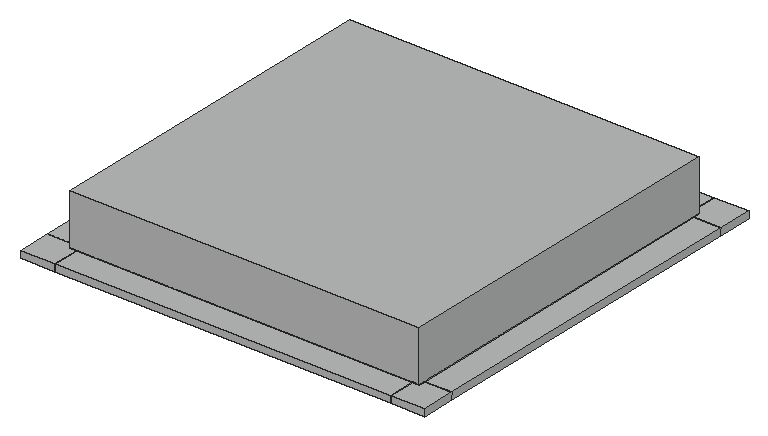
Revit family "ALUMOGIPS", category Осветительные приборы, Revit 2019 (continued)
Types (72, lengths in mm): name | Файл фотометрической сетки | built-in parameter 1150105 | Lumens | built-in parameter 1150106 | built-in parameter 1150142 | Wattage | Emit from Rectangle Width | Emit from Rectangle Length | Длина | Материал светильника | Ширина | ADSK_Ток | ADSK_Полная мощность | ADSK_Обозначение | ADSK_Номинальная мощность | ADSK_Наименование | ADSK_Масса | ADSK_Код изделия
  Alumogips-38/opal-sand 295х1195 (IP40, 4000К, белый) с БАП на 3 часа | "Светильник ALUMOGIPS-38 OPAL-SAND-(295x1195).ies" | 302.39 (stored number, unit not read) | 3800 lm | 3.0239 (stored number, unit not read) | "IESNA:LM-63-1995\r\n[TEST] Протокол №334/16 от 03.11.2016г. Испытательная лаборатория Государственного предприятия \"ЦСОТ НАН Беларуси\"\r\n[MORE] FFFFFFFD255B12BA015C13F525FB5F2F2\r\n[DATA] 02.11.2016\r\n[MANUFAC] ЗАО \"Центрстройсвет\"\r\n[LUMCAT] Светильник ALUMOGIPS-38/OPAL-SAND-(295X1195)\r\n[LUMINAIRE] офисное освещение\r\n[LAMP] \r\nTILT=NONE\r\n1    -1.0   1.000 91 181 1 2   .295   1.195   0.04\r\n1.0  1.0   37.90\r\n0.0 2.0 4.0 6.0 8.0 10.0 12.0 14.0 16.0 18.0 20.0 22.0 24.0 26.0 28.0 30.0 32.0 34.0 36.0 38.0 40.0 42.0 44.0 46.0 48.0 50.0 52.0 54.0 56.0 58.0 60.0 62.0 64.0 66.0 68.0 70.0 72.0 74.0 76.0 78.0 80.0 82.0 84.0 86.0 88.0 90.0 92.0 94.0 96.0 98.0 100.0 102.0 104.0 106.0 108.0 110.0 112.0 114.0 116.0 118.0 120.0 122.0 124.0 126.0 128.0 130.0 132.0 134.0 136.0 138.0 140.0 142.0 144.0 146.0 148.0 150.0 152.0 154.0 156.0 158.0 160.0 162.0 164.0 166.0 168.0 170.0 172.0 174.0 176.0 178.0 180.0 \r\n0.0 2.0 4.0 6.0 8.0 10.0 12.0 14.0 16.0 18.0 20.0 22.0 24.0 26.0 28.0 30.0 32.0 34.0 36.0 38.0 40.0 42.0 44.0 46.0 48.0 50.0 52.0 54.0 56.0 58.0 60.0 62.0 64.0 66.0 68.0 70.0 72.0 74.0 76.0 78.0 80.0 82.0 84.0 86.0 88.0 90.0 92.0 94.0 96.0 98.0 100.0 102.0 104.0 106.0 108.0 110.0 112.0 114.0 116.0 118.0 120.0 122.0 124.0 126.0 128.0 130.0 132.0 134.0 136.0 138.0 140.0 142.0 144.0 146.0 148.0 150.0 152.0 154.0 156.0 158.0 160.0 162.0 164.0 166.0 168.0 170.0 172.0 174.0 176.0 178.0 180.0 182.0 184.0 186.0 188.0 190.0 192.0 194.0 196.0 198.0 200.0 202.0 204.0 206.0 208.0 210.0 212.0 214.0 216.0 218.0 220.0 222.0 224.0 226.0 228.0 230.0 232.0 234.0 236.0 238.0 240.0 242.0 244.0 246.0 248.0 250.0 252.0 254.0 256.0 258.0 260.0 262.0 264.0 266.0 268.0 270.0 272.0 274.0 276.0 278.0 280.0 282.0 284.0 286.0 288.0 290.0 292.0 294.0 296.0 298.0 300.0 302.0 304.0 306.0 308.0 310.0 312.0 314.0 316.0 318.0 320.0 322.0 324.0 326.0 328.0 330.0 332.0 334.0 336.0 338.0 340.0 342.0 344.0 346.0 348.0 350.0 352.0 354.0 356.0 358.0 360.0 \r\n1417.637 1416.354 1411.816 1405.303 1395.733 1384.288 1370.276 1353.307 1334.658 1313.741 1290.456 1264.901 1237.669 1208.563 1177.582 1144.923 1111.476 1076.252 \r\n1039.646 1001.857 963.476 923.417 883.260 842.018 801.072 758.644 716.317 673.693 630.576 587.064 543.749 500.435 457.614 414.891 371.972 330.137 289.191 248.836 209.765 171.778 \r\n133.693 99.653 67.389 36.901 9.077 0.592 0.592 0.592 0.493 0.493 0.493 0.493 0.493 0.493 0.493 0.493 0.395 0.395 0.395 0.395 0.395 0.395 0.395 0.296 0.296 0.296 0.296 0.296 0.296 0.296 0.296 0.197 \r\n0.197 0.197 0.197 0.197 0.197 0.197 0.197 0.098 0.098 0.098 0.098 0.098 0.098 0.098 0.098 0.000 0.000 0.000 0.000 \r\n1417.637 1416.453 1411.914 1405.402 1395.930 1384.583 1370.671 1353.701 1335.053 1314.234 1290.850 1265.395 1238.261 1209.155 1178.075 1145.515 1112.067 1076.844 \r\n1040.239 1002.548 964.167 924.207 883.951 842.708 801.762 759.336 717.008 674.383 631.267 587.755 544.441 501.126 458.206 415.385 372.465 330.631 289.585 249.231 210.160 172.172 \r\n134.088 99.949 67.685 37.198 9.275 0.592 0.592 0.592 0.493 0.493 0.493 0.493 0.493 0.493 0.493 0.493 0.395 0.395 0.395 0.395 0.395 0.395 0.395 0.296 0.296 0.296 0.296 0.296 0.296 0.296 0.296 0.197 \r\n0.197 0.197 0.197 0.197 0.197 0.197 0.197 0.098 0.098 0.098 0.098 0.098 0.098 0.098 0.098 0.000 0.000 0.000 0.000 \r\n1417.637 1416.453 1412.013 1405.600 1396.226 1384.781 1370.968 1354.095 1335.448 1314.629 1291.344 1265.888 1238.754 1209.648 1178.667 1146.206 1112.758 1077.534 \r\n1040.929 1003.140 964.857 924.898 884.740 843.400 802.453 760.026 717.698 674.976 631.859 588.446 545.032 501.718 458.798 415.977 373.057 331.124 290.079 249.625 210.553 172.567 \r\n134.383 100.245 67.883 37.394 9.472 0.592 0.592 0.592 0.493 0.493 0.493 0.493 0.493 0.493 0.493 0.493 0.395 0.395 0.395 0.395 0.395 0.395 0.395 0.296 0.296 0.296 0.296 0.296 0.296 0.296 0.296 0.197 \r\n0.197 0.197 0.197 0.197 0.197 0.197 0.197 0.098 0.098 0.098 0.098 0.098 0.098 0.098 0.098 0.000 0.000 0.000 0.000 \r\n1417.637 1416.551 1412.111 1405.796 1396.423 1385.077 1371.264 1354.391 1335.842 1315.024 1291.837 1266.382 1239.248 1210.240 1179.259 1146.798 1113.350 1078.126 \r\n1041.620 1003.831 965.548 925.588 885.431 844.090 803.143 760.717 718.389 675.666 632.549 589.038 545.723 502.310 459.390 416.569 373.550 331.617 290.474 250.119 210.948 172.863 \r\n134.679 100.541 68.178 37.591 9.669 0.592 0.592 0.592 0.493 0.493 0.493 0.493 0.493 0.493 0.493 0.493 0.395 0.395 0.395 0.395 0.395 0.395 0.395 0.296 0.296 0.296 0.296 0.296 0.296 0.296 0.296 0.197 \r\n0.197 0.197 0.197 0.197 0.197 0.197 0.197 0.098 0.098 0.098 0.098 0.098 0.098 0.098 0.098 0.000 0.000 0.000 0.000 \r\n1417.637 1416.551 1412.309 1405.895 1396.621 1385.373 1371.559 1354.786 1336.237 1315.419 1292.232 1266.875 1239.742 1210.733 1179.851 1147.390 1113.942 1078.816 \r\n1042.310 1004.521 966.238 926.279 886.121 844.879 803.834 761.408 719.080 676.357 633.240 589.728 546.315 502.902 459.982 417.062 374.043 332.110 290.967 250.513 211.343 173.258 \r\n135.074 100.837 68.376 37.888 9.965 0.592 0.592 0.592 0.493 0.493 0.493 0.493 0.493 0.493 0.493 0.493 0.395 0.395 0.395 0.395 0.395 0.395 0.395 0.296 0.296 0.296 0.296 0.296 0.296 0.296 0.296 0.197 \r\n0.197 0.197 0.197 0.197 0.197 0.197 0.197 0.098 0.098 0.098 0.098 0.098 0.098 0.098 0.098 0.000 0.000 0.000 0.000 \r\n1417.637 1416.650 1412.407 1406.093 1396.917 1385.669 1371.954 1355.181 1336.632 1315.912 1292.725 1267.368 1240.334 1211.325 1180.443 1147.982 1114.633 1079.409 \r\n1042.903 1005.212 966.929 926.969 886.812 845.569 804.524 762.098 719.770 677.048 633.832 590.320 546.907 503.494 460.574 417.654 374.636 332.603 291.460 250.908 211.738 173.653 \r\n135.371 101.133 68.671 38.086 10.163 0.592 0.592 0.592 0.493 0.493 0.493 0.493 0.493 0.493 0.493 0.493 0.395 0.395 0.395 0.395 0.395 0.395 0.395 0.296 0.296 0.296 0.296 0.296 0.296 0.296 0.296 0.197 \r\n0.197 0.197 0.197 0.197 0.197 0.197 0.197 0.098 0.098 0.098 0.098 0.098 0.098 0.098 0.098 0.000 0.000 0.000 0.000 \r\n1417.637 1416.650 1412.506 1406.191 1397.114 1385.866 1372.250 1355.576 1337.027 1316.307 1293.218 1267.861 1240.827 1211.918 1181.035 1148.672 1115.225 1080.099 \r\n1043.593 1005.902 967.620 927.660 887.503 846.260 805.215 762.789 720.461 677.739 634.523 591.011 547.598 504.086 461.166 418.247 375.129 333.098 291.855 251.401 212.132 173.948 \r\n135.666 101.429 68.968 38.381 10.360 0.592 0.592 0.592 0.493 0.493 0.493 0.493 0.493 0.493 0.493 0.493 0.395 0.395 0.395 0.395 0.395 0.395 0.395 0.296 0.296 0.296 0.296 0.296 0.296 0.296 0.296 0.197 \r\n0.197 0.197 0.197 0.197 0.197 0.197 0.197 0.098 0.098 0.098 0.098 0.098 0.098 0.098 0.098 0.000 0.000 0.000 0.000 \r\n1417.637 1416.650 1412.604 1406.389 1397.311 1386.162 1372.546 1355.871 1337.421 1316.701 1293.613 1268.355 1241.320 1212.411 1181.627 1149.265 1115.816 1080.691 \r\n1044.284 1006.593 968.212 928.351 888.194 846.951 805.906 763.479 721.151 678.429 635.213 591.702 548.190 504.777 461.758 418.740 375.721 333.591 292.348 251.796 212.527 174.343 \r\n135.962 101.627 69.165 38.579 10.557 0.592 0.592 0.592 0.493 0.493 0.493 0.493 0.493 0.493 0.493 0.395 0.395 0.395 0.395 0.395 0.395 0.395 0.395 0.296 0.296 0.296 0.296 0.296 0.296 0.296 0.296 0.197 \r\n0.197 0.197 0.197 0.197 0.197 0.197 0.197 0.098 0.098 0.098 0.098 0.098 0.098 0.098 0.098 0.000 0.000 0.000 0.000 \r\n1417.637 1416.749 1412.704 1406.586 1397.607 1386.458 1372.941 1356.266 1337.815 1317.095 1294.106 1268.848 1241.813 1213.003 1182.219 1149.856 1116.409 1081.382 \r\n1044.876 1007.283 968.902 929.042 888.885 847.642 806.597 764.170 721.843 679.120 635.806 592.293 548.881 505.368 462.351 419.332 376.214 334.084 292.841 252.191 212.922 174.738 \r\n136.357 101.922 69.461 38.776 10.853 0.592 0.592 0.592 0.493 0.493 0.493 0.493 0.493 0.493 0.493 0.395 0.395 0.395 0.395 0.395 0.395 0.395 0.395 0.296 0.296 0.296 0.296 0.296 0.296 0.296 0.296 0.197 \r\n0.197 0.197 0.197 0.197 0.197 0.197 0.197 0.098 0.098 0.098 0.098 0.098 0.098 0.098 0.098 0.000 0.000 0.000 0.000 \r\n1417.637 1416.749 1412.802 1406.684 1397.805 1386.754 1373.237 1356.661 1338.210 1317.589 1294.599 1269.341 1242.406 1213.496 1182.811 1150.448 1117.099 1081.974 \r\n1045.566 1007.974 969.593 929.732 889.575 848.333 807.287 764.861 722.533 679.712 636.496 592.985 549.472 505.960 462.942 419.825 376.707 334.577 293.236 252.684 213.317 175.034 \r\n136.652 102.218 69.659 39.072 11.051 0.592 0.592 0.592 0.493 0.493 0.493 0.493 0.493 0.493 0.493 0.395 0.395 0.395 0.395 0.395 0.395 0.395 0.395 0.296 0.296 0.296 0.296 0.296 0.296 0.296 0.296 0.197 \r\n0.197 0.197 0.197 0.197 0.197 0.197 0.197 0.098 0.098 0.098 0.098 0.098 0.098 0.098 0.098 0.000 0.000 0.000 0.000 \r\n1417.637 1416.848 1412.901 1406.882 1398.002 1387.051 1373.533 1356.957 1338.605 1317.983 1294.994 1269.834 1242.899 1214.089 1183.403 1151.041 1117.692 1082.665 \r\n1046.257 1008.566 970.284 930.423 890.266 849.121 807.978 765.552 723.224 680.403 637.187 593.675 550.163 506.553 463.534 420.416 377.300 335.071 293.729 253.079 213.712 175.429 \r\n136.949 102.515 69.954 39.269 11.248 0.592 0.592 0.592 0.493 0.493 0.493 0.493 0.493 0.493 0.493 0.395 0.395 0.395 0.395 0.395 0.395 0.395 0.395 0.296 0.296 0.296 0.296 0.296 0.296 0.296 0.296 0.197 \r\n0.197 0.197 0.197 0.197 0.197 0.197 0.197 0.098 0.098 0.098 0.098 0.098 0.098 0.098 0.098 0.000 0.000 0.000 0.000 \r\n1417.637 1416.848 1412.999 1407.079 1398.298 1387.247 1373.829 1357.352 1339.000 1318.378 1295.488 1270.327 1243.392 1214.680 1183.995 1151.731 1118.283 1083.257 \r\n1046.849 1009.257 970.975 931.113 891.055 849.813 808.668 766.242 723.914 681.093 637.779 594.266 550.755 507.145 464.126 421.009 377.793 335.564 294.222 253.474 214.105 175.823 \r\n137.343 102.810 70.250 39.467 11.445 0.592 0.592 0.592 0.493 0.493 0.493 0.493 0.493 0.493 0.493 0.395 0.395 0.395 0.395 0.395 0.395 0.395 0.395 0.296 0.296 0.296 0.296 0.296 0.296 0.296 0.296 0.197 \r\n0.197 0.197 0.197 0.197 0.197 0.197 0.197 0.098 0.098 0.098 0.098 0.098 0.098 0.098 0.098 0.000 0.000 0.000 0.000 \r\n1417.637 1416.946 1413.098 1407.178 1398.495 1387.544 1374.223 1357.747 1339.395 1318.773 1295.882 1270.822 1243.886 1215.174 1184.587 1152.323 1118.974 1083.848 \r\n1047.540 1009.947 971.665 931.903 891.746 850.503 809.359 766.933 724.507 681.784 638.470 594.958 551.445 507.836 464.718 421.502 378.287 336.057 294.617 253.967 214.500 176.119 \r\n137.640 103.106 70.447 39.762 11.741 0.592 0.592 0.592 0.493 0.493 0.493 0.493 0.493 0.493 0.493 0.395 0.395 0.395 0.395 0.395 0.395 0.395 0.395 0.296 0.296 0.296 0.296 0.296 0.296 0.296 0.296 0.197 \r\n0.197 0.197 0.197 0.197 0.197 0.197 0.197 0.098 0.098 0.098 0.098 0.098 0.098 0.098 0.098 0.000 0.000 0.000 0.000 \r\n1417.637 1416.946 1413.197 1407.376 1398.693 1387.839 1374.520 1358.042 1339.789 1319.168 1296.376 1271.315 1244.477 1215.765 1185.179 1152.915 1119.566 1084.539 \r\n1048.230 1010.638 972.356 932.594 892.436 851.194 810.050 767.623 725.197 682.474 639.160 595.649 552.038 508.427 465.310 422.094 378.878 336.550 295.111 254.362 214.895 176.514 \r\n137.935 103.403 70.744 39.960 11.939 0.592 0.592 0.592 0.493 0.493 0.493 0.493 0.493 0.493 0.493 0.395 0.395 0.395 0.395 0.395 0.395 0.395 0.395 0.296 0.296 0.296 0.296 0.296 0.296 0.296 0.296 0.197 \r\n0.197 0.197 0.197 0.197 0.197 0.197 0.197 0.098 0.098 0.098 0.098 0.098 0.098 0.098 0.098 0.000 0.000 0.000 0.000 \r\n1417.637 1417.044 1413.295 1407.474 1398.890 1388.135 1374.815 1358.437 1340.184 1319.661 1296.869 1271.808 1244.971 1216.258 1185.673 1153.507 1120.158 1085.131 \r\n1048.823 1011.329 973.046 933.284 893.127 851.884 810.741 768.314 725.888 683.165 639.752 596.240 552.728 509.019 465.902 422.686 379.371 337.044 295.505 254.757 215.388 176.909 \r\n138.232 103.698 70.942 40.157 12.136 0.592 0.592 0.592 0.493 0.493 0.493 0.493 0.493 0.493 0.493 0.395 0.395 0.395 0.395 0.395 0.395 0.395 0.395 0.296 0.296 0.296 0.296 0.296 0.296 0.296 0.296 0.197 \r\n0.197 0.197 0.197 0.197 0.197 0.197 0.197 0.098 0.098 0.098 0.098 0.098 0.098 0.098 0.098 0.000 0.000 0.000 0.000 \r\n1417.637 1417.044 1413.394 1407.671 1399.187 1388.333 1375.111 1358.832 1340.578 1320.056 1297.264 1272.301 1245.464 1216.851 1186.264 1154.099 1120.849 1085.822 \r\n1049.513 1012.020 973.737 933.975 893.818 852.575 811.432 769.004 726.578 683.855 640.443 596.930 553.321 509.611 466.494 423.180 379.964 337.537 295.999 255.250 215.783 177.304 \r\n138.626 103.994 71.237 40.453 12.333 0.592 0.592 0.592 0.493 0.493 0.493 0.493 0.493 0.493 0.493 0.395 0.395 0.395 0.395 0.395 0.395 0.395 0.395 0.296 0.296 0.296 0.296 0.296 0.296 0.296 0.296 0.197 \r\n0.197 0.197 0.197 0.197 0.197 0.197 0.197 0.098 0.098 0.098 0.098 0.098 0.098 0.098 0.098 0.000 0.000 0.000 0.000 \r\n1417.637 1417.143 1413.492 1407.869 1399.383 1388.629 1375.506 1359.226 1340.973 1320.451 1297.757 1272.795 1246.056 1217.443 1186.856 1154.790 1121.441 1086.414 \r\n1050.204 1012.711 974.428 934.665 894.508 853.365 812.122 769.695 727.269 684.448 641.134 597.523 554.011 510.203 467.086 423.772 380.457 338.031 296.492 255.645 216.178 177.599 \r\n138.922 104.291 71.533 40.650 12.629 0.592 0.592 0.592 0.493 0.493 0.493 0.493 0.493 0.493 0.493 0.395 0.395 0.395 0.395 0.395 0.395 0.395 0.395 0.296 0.296 0.296 0.296 0.296 0.296 0.296 0.296 0.197 \r\n0.197 0.197 0.197 0.197 0.197 0.197 0.197 0.098 0.098 0.098 0.098 0.098 0.098 0.098 0.098 0.000 0.000 0.000 0.000 \r\n1417.637 1417.143 1413.592 1407.967 1399.580 1388.925 1375.803 1359.523 1341.367 1320.845 1298.250 1273.288 1246.550 1217.936 1187.448 1155.382 1122.032 1087.105 \r\n1050.894 1013.401 975.119 935.356 895.199 854.055 812.813 770.386 727.959 685.138 641.725 598.213 554.603 510.795 467.678 424.265 380.951 338.524 296.887 256.038 216.573 177.994 \r\n139.218 104.586 71.730 40.848 12.826 0.592 0.592 0.493 0.493 0.493 0.493 0.493 0.493 0.493 0.493 0.395 0.395 0.395 0.395 0.395 0.395 0.395 0.395 0.296 0.296 0.296 0.296 0.296 0.296 0.296 0.296 0.197 \r\n0.197 0.197 0.197 0.197 0.197 0.197 0.197 0.098 0.098 0.098 0.098 0.098 0.098 0.098 0.098 0.000 0.000 0.000 0.000 \r\n1417.637 1417.242 1413.690 1408.165 1399.877 1389.220 1376.098 1359.917 1341.762 1321.339 1298.645 1273.781 1247.043 1218.528 1188.041 1155.974 1122.723 1087.697 \r\n1051.487 1013.993 975.810 936.046 895.889 854.746 813.503 771.077 728.650 685.829 642.416 598.904 555.294 511.486 468.270 424.857 381.542 339.018 297.380 256.533 216.967 178.389 \r\n139.613 104.882 72.026 41.143 13.024 0.592 0.592 0.493 0.493 0.493 0.493 0.493 0.493 0.493 0.493 0.395 0.395 0.395 0.395 0.395 0.395 0.395 0.395 0.296 0.296 0.296 0.296 0.296 0.296 0.296 0.296 0.197 \r\n0.197 0.197 0.197 0.197 0.197 0.197 0.197 0.098 0.098 0.098 0.098 0.098 0.098 0.098 0.098 0.000 0.000 0.000 0.000 \r\n1417.637 1417.242 1413.789 1408.362 1400.075 1389.517 1376.394 1360.311 1342.157 1321.733 1299.138 1274.274 1247.536 1219.022 1188.632 1156.566 1123.315 1088.388 \r\n1052.177 1014.684 976.500 936.738 896.581 855.436 814.194 771.768 729.341 686.519 643.107 599.496 555.885 512.078 468.862 425.449 382.035 339.511 297.873 256.926 217.362 178.685 \r\n139.909 105.079 72.223 41.341 13.221 0.592 0.592 0.493 0.493 0.493 0.493 0.493 0.493 0.493 0.493 0.395 0.395 0.395 0.395 0.395 0.395 0.395 0.395 0.296 0.296 0.296 0.296 0.296 0.296 0.296 0.296 0.197 \r\n0.197 0.197 0.197 0.197 0.197 0.197 0.197 0.098 0.098 0.098 0.098 0.098 0.098 0.098 0.098 0.000 0.000 0.000 0.000 \r\n1417.637 1417.341 1413.986 1408.461 1400.271 1389.715 1376.789 1360.608 1342.552 1322.128 1299.632 1274.768 1248.128 1219.614 1189.224 1157.256 1123.907 1088.980 \r\n1052.868 1015.374 977.191 937.428 897.369 856.127 814.884 772.458 730.032 687.211 643.698 600.187 556.577 512.670 469.454 425.942 382.529 340.004 298.268 257.321 217.756 179.080 \r\n140.204 105.376 72.520 41.538 13.517 0.592 0.592 0.493 0.493 0.493 0.493 0.493 0
